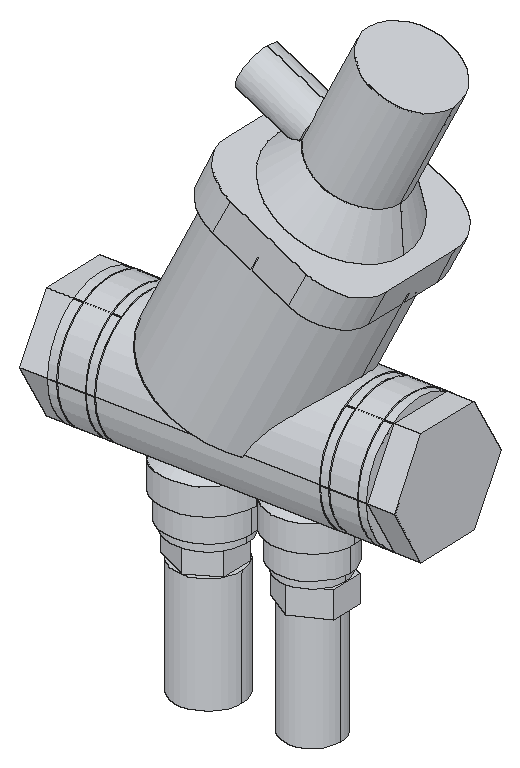
Revit family "PV_Compact_DN020_  5-30_FF_měř_RFA_2019", category Pipe Accessories, Revit 2019
Family settings
  Round Connector Dimension = Use Diameter
  Part Type = Valve - Breaks Into
  Work Plane-Based = No
  Always vertical = Yes
  Cut with Voids When Loaded = No
  Shared = No
Parameters (values of type "PV Compact DN20 FF s měřením (  5-30kPa)")
  magiProductId = "db23a1b537c14a0d8d3ef5b88ba9f3"
  magiProductFamilyId = "17221e4467384e4990f0bd3f9c07cb"
  magiPartTypeId = 304
  isMeasuringValve [instance] = no
  ang2D [instance] = 0.00°
  Z7 = 15 mm
  Z6 = 24.6 mm
  Z5 = 57.4 mm
  Z4 = 49.2 mm
  Z3 = 8.2 mm
  Z2 = 41 mm
  XR3 = 30 mm
  XR2 = 25 mm
  XR1 = 13 mm
  W2D = 15 mm
  VersionID = "2.0/2018.12.13.2/FRESE_PV_COMPACT_PLUG_Q13_001"
  Use Minimum Symbol Size [instance] = no
  URL = "www.hydronix.cz"
  Type Comments = "závitový s vnitřním závitem; dvěma měřicími vsuvkami; PN25; dpmax=450kPa; -10~+120°C;"
  R5 = 5 mm
  R4 = 15 mm
  R3 = 10 mm
  R2 = 14 mm
  R1 = 19 mm
  QmdConnectorList = "301;D;302;D"
  Productdata [instance] = ""
  PH__ve = -PH  # -22.4 mm
  PH = 22.4 mm
  NL__ve = -NL  # -15.8 mm
  NL = 15.8 mm
  Manufacturer = "Hydronix"
  MC Use Limits From Balancing Method = no
  MC Throttling Minimum Value = 0
  MC Throttling Maximum Value = 0
  MC Product Code = "53-3206 DN20; FF; nastavitelný rozsah dp=5~30kPa; Q=100~1000l/h;  kvs=3,5"
  MC Pressure Drop Minimum Value = 0.0 Pa
  MC Pressure Drop Maximum Value = 0.0 Pa
  MC Piping Given Pressure Drop [instance] = 0.0 Pa
  M5 = 33.7 mm
  M4 = 31.7 mm
  M3 = 25.7 mm
  M2 = 23.7 mm
  LP = 39.5 mm
  LM = 47.4 mm
  LL__ve = -LL  # -5.7 mm
  LLT__ve = -LLT  # -14.9 mm
  LLT = 14.9 mm
  LL2 = 32 mm
  LL = 5.7 mm
  L3 = 11 mm
  L2D_Min = 30.48 mm
  L2D = 65 mm
  Description = "Nastavitelný regulátor tlakové diference"
  DR1 = no
  DR0 = yes
  DL2 = 66 mm
  D = 20 mm
  CenSd_R2_6 = R2 * cos(30.00°)  # 12.124 mm
  CAT0 = yes
  C0D1 = no
  C0D0 = yes
Types (10, lengths in mm): name | magiProductId | Z6 | Z5 | Z4 | Z3 | Z2 | XR3 | XR2 | XR1 | R2 | R1 | PH__ve | PH | NL__ve | NL | MC Product Code | M5 | M4 | M3 | M2 | LP | LM | LL__ve | LLT__ve | LLT | LL2 | LL | L3 | D | CenSd_R2_6
  PV Compact DN15 FF s měřením ( 20-60kPa) | "92c6061b2d364c498536f200ceae3f" | 24.6 | 57.4 | 49.2 | 8.2 | 41 | 30 | 25 | 13 | 14 | 19 | -22.4 | 22.4 | -15 | 15 | "53-3205 DN15; FF; nastavitelný rozsah dp=20~60kPa; Q=100~1000l/h;  kvs=2,9" | 32.5 | 30.5 | 24.5 | 22.5 | 37.5 | 45 | -5.7 | -14.9 | 14.9 | 32 | 5.7 | 11 | 15 | 12.124
  PV Compact DN15 FF s měřením (  5-30kPa) | "f361d342a5c3496a8b127ae77303d4" | 24.6 | 57.4 | 49.2 | 8.2 | 41 | 30 | 25 | 13 | 14 | 19 | -22.4 | 22.4 | -15 | 15 | "53-3204 DN15; FF; nastavitelný rozsah dp=5~30kPa; Q=50~600l/h;  kvs=2,9" | 32.5 | 30.5 | 24.5 | 22.5 | 37.5 | 45 | -5.7 | -14.9 | 14.9 | 32 | 5.7 | 11 | 15 | 12.124
  PV Compact DN20 FF s měřením ( 20-60kPa) | "9f7cac6a20a942348ba3edadb25c10" | 24.6 | 57.4 | 49.2 | 8.2 | 41 | 30 | 25 | 13 | 14 | 19 | -22.4 | 22.4 | -15.8 | 15.8 | "53-3207 DN20; FF; nastavitelný rozsah dp=20~60kPa; Q=150~2000l/h;  kvs=3,5" | 33.7 | 31.7 | 25.7 | 23.7 | 39.5 | 47.4 | -5.7 | -14.9 | 14.9 | 32 | 5.7 | 11 | 20 | 12.124
  PV Compact DN20 FF s měřením (  5-30kPa) | "db23a1b537c14a0d8d3ef5b88ba9f3" | 24.6 | 57.4 | 49.2 | 8.2 | 41 | 30 | 25 | 13 | 14 | 19 | -22.4 | 22.4 | -15.8 | 15.8 | "53-3206 DN20; FF; nastavitelný rozsah dp=5~30kPa; Q=100~1000l/h;  kvs=3,5" | 33.7 | 31.7 | 25.7 | 23.7 | 39.5 | 47.4 | -5.7 | -14.9 | 14.9 | 32 | 5.7 | 11 | 20 | 12.124
  PV Compact DN25 FF s měřením (  5-30kPa) | "df9f1d59aa4a4bbbaec25e168ba07d" | 25.5 | 59.5 | 51 | 8.5 | 42.5 | 30 | 25 | 13 | 14 | 19 | -20.8 | 20.8 | -16.6 | 16.6 | "53-3208 DN25; FF; nastavitelný rozsah dp=5~30kPa; Q=600~2100l/h;  kvs=4,0" | 34.9 | 32.9 | 26.9 | 24.9 | 41.5 | 49.8 | -5.9 | -16.3 | 16.3 | 34 | 5.9 | 11 | 25 | 12.124
  PV Compact DN25L FF s měřením ( 20-80kPa) | "87b7cca8bace4074a54840dfb5d8dc" | 40.2 | 93.8 | 80.4 | 13.4 | 67 | 42.5 | 37.5 | 25.5 | 26.5 | 31.5 | -17.6 | 17.6 | -20 | 20 | "53-3211 DN25L; FF; nastavitelný rozsah dp=20~80kPa; Q=750~4200l/h;  kvs=8,7" | 40 | 38 | 32 | 30 | 50 | 60 | -6.3 | -19.1 | 19.1 | 38 | 6.3 | 11 | 25 | 22.95
  PV Compact DN25L FF s měřením (  5-30kPa) | "5f34f6c18cbb44599cc4b76a533b7b" | 40.2 | 93.8 | 80.4 | 13.4 | 67 | 42.5 | 37.5 | 25.5 | 26.5 | 31.5 | -17.6 | 17.6 | -20 | 20 | "53-3210 DN25L; FF; nastavitelný rozsah dp=5~30kPa; Q=600~2500l/h;  kvs=8,7" | 40 | 38 | 32 | 30 | 50 | 60 | -6.3 | -19.1 | 19.1 | 38 | 6.3 | 11 | 25 | 22.95
  PV Compact DN32 FF s měřením ( 20-80kPa) | "4a8a1c2c3ced401aa76adec660b182" | 40.2 | 93.8 | 80.4 | 13.4 | 67 | 42.5 | 37.5 | 25.5 | 26.5 | 31.5 | -13.6 | 13.6 | -20.8 | 20.8 | "53-3214 DN32; FF; nastavitelný rozsah dp=20~80kPa; Q=1000~5000l/h;  kvs=10,1" | 41.2 | 39.2 | 33.2 | 31.2 | 52 | 62.4 | -6.8 | -22.6 | 22.6 | 43 | 6.8 | 25 | 32 | 22.95
  PV Compact DN40 FF s měřením ( 20-80kPa) | "8dd334465d8f48dd802c3dab6bec5b" | 46.8 | 109.2 | 93.6 | 15.6 | 78 | 42.5 | 37.5 | 25.5 | 26.5 | 31.5 | -11.2 | 11.2 | -27.6 | 27.6 | "53-3216 DN40; FF; nastavitelný rozsah dp=20~80kPa; Q=3000~8000l/h;  kvs=15,8" | 51.4 | 49.4 | 43.4 | 41.4 | 69 | 82.8 | -7.1 | -24.7 | 24.7 | 46 | 7.1 | 25 | 40 | 22.95
  PV Compact DN50 FF s měřením ( 20-80kPa) | "de24153ded7e41748f92358b184bd6" | 46.8 | 109.2 | 93.6 | 15.6 | 78 | 42.5 | 37.5 | 25.5 | 35.25 | 31.5 | -6.4 | 6.4 | -27.6 | 27.6 | "53-3218 DN50; FF; nastavitelný rozsah dp=20~80kPa; Q=5000~11500l/h;  kvs=16,2" | 51.4 | 49.4 | 43.4 | 41.4 | 69 | 82.8 | -7.7 | -28.9 | 28.9 | 52 | 7.7 | 25 | 50 | 30.527
Reference planes
  plane 1 "Center (Front/Back)": y = 0
  plane 2 "XYPLANE": z = 0
  plane 3 "Center (Left/Right)": x = 0
  plane 4 "408": x = 39.5
  plane 5 "407": x = -39.5
  plane 6 "402": z = -66
  plane 7 "213": x = 11
  plane 8 "168": z = -10.9
  plane 9 "167": z = -12.9
  plane 10 "166": z = -18.6
  plane 11 "165": z = -24.3
  plane 12 "164": z = -26.3
  plane 13 "154": z = 0
  plane 14 "152": y = 0
  plane 15 "151": z = -32
  plane 16 "150": x = -11
  plane 17 "75": through (318.218, 0, 679.605) normal (0.891, 0, -0.454)
  plane 18 "74": x = 33.7
  plane 19 "73": x = 31.7
  plane 20 "72": x = 25.7
  plane 21 "71": x = 23.7
  plane 22 "70": x = -33.7
  plane 23 "69": x = -31.7
  plane 24 "68": x = -25.7
  plane 25 "67": y = 0
  plane 26 "66": through (-666.893, 0, 343.166) normal (0.454, 0, 0.891)
  plane 27 "65": x = -23.7
  plane 28 "64": through (335.147, 0, 670.979) normal (0.891, 0, -0.454)
  plane 29 "63": through (-649.641, 0, 377.024) normal (0.454, 0, 0.891)
  plane 30 "62": through (352.076, 0, 662.353) normal (0.891, 0, -0.454)
  plane 31 "61": y = 19
  plane 32 "60": y = -19
  plane 33 "59": through (-645.919, 0, 384.33) normal (0.454, 0, 0.891)
  plane 34 "58": through (-642.196, 0, 391.637) normal (0.454, 0, 0.891)
  plane 35 "57": through (313.763, 0, 681.875) normal (0.891, 0, -0.454)
  plane 36 "56": x = 0
  plane 37 "55": through (-668.255, 0, 340.493) normal (0.454, 0, 0.891)
  plane 38 "102XY": through (-668.255, 0, 340.493) normal (0.454, 0, 0.891)
  plane 39 "102XZ": y = 0
  plane 40 "102YZ": through (340.493, 0, 668.255) normal (0.891, 0, -0.454)
Forms (mm)
  Extrusion 1, solid
    sketch origin (39.5, -750, 0) x (0, 1, 0) y (0, 0, 1)
      loop
        line (764, 0) -> (757, 12.124) -> (743, 12.124) -> (736, 0) -> (743, -12.124) -> (757, -12.124) -> (764, 0)
    from 0 to -15.8 <- "NL__ve"
  Extrusion 2, solid
    sketch origin (-39.5, -750, 0) x (0, 1, 0) y (0, 0, 1)
      loop
        line (736, 0) -> (743, -12.124) -> (757, -12.124) -> (764, 0) -> (757, 12.124) -> (743, 12.124) -> (736, 0)
    from 0 to 15.8 <- "NL"
  Extrusion 3, solid, visible <- "C0D1"
    sketch origin (-750, 0, -66) x (1, 0, 0) y (0, 1, 0)
      loop
        circle (761, 0) r 10
    from 0 to 50
  Extrusion 4, solid, visible <- "DR1"
    sketch origin (-750, 0, -18.6) x (1, 0, 0) y (0, 1, 0)
      loop
        line (761, -12) -> (772.592, -6) -> (772.592, 6) -> (761, 12) -> (750.608, 6) -> (750.608, -6) -> (761, -12)
    from 0 to -22.4 <- "PH__ve"
  Extrusion 5, solid, visible <- "DR1"
    sketch origin (-750, 0, -18.6) x (1, 0, 0) y (0, 1, 0)
      loop
        circle (761, 0) r 10
    from 0 to 5.7 <- "LL"
  Blend 6, solid, visible <- "DR1"
    base sketch origin (-750, 0, -10.9) x (1, 0, 0) y (0, 1, 0)
      loop
        circle (761, 0) r 7.5
    top sketch origin (-750, 0, -10.9) x (1, 0, 0) y (0, 1, 0)
      loop
        circle (761, 0) r 10
    from 0 to -2
  Extrusion 7, solid, visible <- "DR1"
    sketch origin (-750, 0, 0) x (1, 0, 0) y (0, 1, 0)
      loop
        circle (761, 0) r 7.5
    from 0 to -14.9 <- "LLT__ve"
  Extrusion 8, solid, visible <- "C0D0"
    sketch origin (-750, 0, -32) x (1, 0, 0) y (0, 1, 0)
      loop
        circle (761, 0) r 6
    from 0 to -25
  Extrusion 9, solid, visible <- "DR0"
    sketch origin (-750, 0, -26.3) x (1, 0, 0) y (0, 1, 0)
      loop
        line (761, -7) -> (768.262, -3.5) -> (768.262, 3.5) -> (761, 7) -> (754.938, 3.5) -> (754.938, -3.5) -> (761, -7)
    from 0 to -5.7 <- "LL__ve"
  Extrusion 10, solid, visible <- "DR0"
    sketch origin (-750, 0, -26.3) x (1, 0, 0) y (0, 1, 0)
      loop
        circle (761, 0) r 7
    from 0 to 2
  Extrusion 11, solid, visible <- "DR0"
    sketch origin (-750, 0, -18.6) x (1, 0, 0) y (0, 1, 0)
      loop
        circle (761, 0) r 9
    from 0 to 5.7 <- "LL"
  Blend 12, solid, visible <- "DR0"
    base sketch origin (-750, 0, -10.9) x (1, 0, 0) y (0, 1, 0)
      loop
        circle (761, 0) r 6.5
    top sketch origin (-750, 0, -10.9) x (1, 0, 0) y (0, 1, 0)
      loop
        circle (761, 0) r 9
    from 0 to -2
  Extrusion 13, solid, visible <- "DR0"
    sketch origin (-750, 0, 0) x (1, 0, 0) y (0, 1, 0)
      loop
        circle (761, 0) r 6.5
    from 0 to -14.9 <- "LLT__ve"
  Extrusion 14, solid, visible <- "DR0"
    sketch origin (-750, 0, 0) x (1, 0, 0) y (0, 1, 0)
      loop
        circle (761, 0) r 6.5
    from 0 to -14.9 <- "LLT__ve"
  Blend 15, solid, visible <- "DR0"
    base sketch origin (-750, 0, -10.9) x (1, 0, 0) y (0, 1, 0)
      loop
        circle (761, 0) r 6.5
    top sketch origin (-750, 0, -10.9) x (1, 0, 0) y (0, 1, 0)
      loop
        circle (761, 0) r 9
    from 0 to -2
  Extrusion 16, solid, visible <- "DR0"
    sketch origin (-750, 0, -18.6) x (1, 0, 0) y (0, 1, 0)
      loop
        circle (761, 0) r 9
    from 0 to 5.7 <- "LL"
  Extrusion 17, solid, visible <- "DR0"
    sketch origin (-750, 0, -24.3) x (1, 0, 0) y (0, 1, 0)
      loop
        circle (761, 0) r 8
    from 0 to 5.7 <- "LL"
  Extrusion 18, solid, visible <- "DR0"
    sketch origin (-750, 0, -26.3) x (1, 0, 0) y (0, 1, 0)
      loop
        circle (761, 0) r 7
    from 0 to 2
  Extrusion 19, solid, visible <- "DR0"
    sketch origin (-750, 0, -26.3) x (1, 0, 0) y (0, 1, 0)
      loop
        line (761, -7) -> (768.262, -3.5) -> (768.262, 3.5) -> (761, 7) -> (754.938, 3.5) -> (754.938, -3.5) -> (761, -7)
    from 0 to -5.7 <- "LL__ve"
  Extrusion 20, solid, visible <- "C0D0"
    sketch origin (-750, 0, -32) x (1, 0, 0) y (0, 1, 0)
      loop
        circle (761, 0) r 6
    from 0 to -25
  Extrusion 21, solid, visible <- "CAT0"
    sketch origin (-750, 0, -32) x (1, 0, 0) y (0, 1, 0)
      loop
        circle (739, 0) r 7.2
    from 0 to -25
  Extrusion 22, solid
    sketch origin (-750, 0, -26.3) x (1, 0, 0) y (0, 1, 0)
      loop
        line (739, -7) -> (745.062, -3.5) -> (745.062, 3.5) -> (739, 7) -> (731.738, 3.5) -> (731.738, -3.5) -> (739, -7)
    from 0 to -5.7 <- "LL__ve"
  Extrusion 23, solid
    sketch origin (-750, 0, -26.3) x (1, 0, 0) y (0, 1, 0)
      loop
        circle (739, 0) r 8.2
    from 0 to 2
  Extrusion 24, solid
    sketch origin (-750, 0, -24.3) x (1, 0, 0) y (0, 1, 0)
      loop
        circle (739, 0) r 9.2
    from 0 to 5.7 <- "LL"
  Extrusion 25, solid
    sketch origin (-750, 0, -18.6) x (1, 0, 0) y (0, 1, 0)
      loop
        circle (739, 0) r 10.2
    from 0 to 5.7 <- "LL"
  Blend 26, solid
    base sketch origin (-750, 0, -10.9) x (1, 0, 0) y (0, 1, 0)
      loop
        circle (739, 0) r 7.7
    top sketch origin (-750, 0, -10.9) x (1, 0, 0) y (0, 1, 0)
      loop
        circle (739, 0) r 10.2
    from 0 to -2
  Extrusion 27, solid
    sketch origin (-750, 0, 0) x (1, 0, 0) y (0, 1, 0)
      loop
        circle (739, 0) r 7.7
    from 0 to -14.9 <- "LLT__ve"
  Blend 28, solid, visible <- "CAT0"
    base sketch origin (31.7, -750, 0) x (0, 1, 0) y (0, 0, 1)
      loop
        circle (750, 0) r 14
    top sketch origin (31.7, -750, 0) x (0, 1, 0) y (0, 0, 1)
      loop
        circle (750, 0) r 14
    from 0 to 2
  Extrusion 29, solid, visible <- "CAT0"
    sketch origin (25.7, -750, 0) x (0, 1, 0) y (0, 0, 1)
      loop
        circle (750, 0) r 14
    from 0 to 6
  Blend 30, solid, visible <- "CAT0"
    base sketch origin (23.7, -750, 0) x (0, 1, 0) y (0, 0, 1)
      loop
        circle (750, 0) r 14
    top sketch origin (23.7, -750, 0) x (0, 1, 0) y (0, 0, 1)
      loop
        circle (750, 0) r 14
    from 0 to 2
  Blend 31, solid, visible <- "CAT0"
    base sketch origin (-31.7, -750, 0) x (0, 1, 0) y (0, 0, 1)
      loop
        circle (750, 0) r 14
    top sketch origin (-31.7, -750, 0) x (0, 1, 0) y (0, 0, 1)
      loop
        circle (750, 0) r 14
    from 0 to -2
  Extrusion 32, solid, visible <- "CAT0"
    sketch origin (-31.7, -750, 0) x (0, 1, 0) y (0, 0, 1)
      loop
        circle (750, 0) r 14
    from 0 to 6
  Blend 33, solid, visible <- "CAT0"
    base sketch origin (-25.7, -750, 0) x (0, 1, 0) y (0, 0, 1)
      loop
        circle (750, 0) r 14
    top sketch origin (-25.7, -750, 0) x (0, 1, 0) y (0, 0, 1)
      loop
        circle (750, 0) r 14
    from 0 to 2
  Extrusion 34, solid, visible <- "CAT0"
    sketch origin (-23.7, -750, 0) x (0, 1, 0) y (0, 0, 1)
      loop
        circle (750, 0) r 14
    from 0 to 47.4 <- "LM"
  Extrusion 35, solid, visible <- "CAT0"
    sketch origin (-666.893, 0, 343.166) x (0.891007, 0, -0.45399) y (0, 1, 0)
      loop
        circle (744, 0) r 19
    from 0 to 41 <- "Z2"
  Extrusion 36, solid, visible <- "CAT0"
    sketch origin (-649.641, 0, 377.024) x (0.891007, 0, -0.45399) y (0, 1, 0)
      loop
        arc (735, 19) -> (727.929, 16.071) -> (725, 9) r 10
        line (725, 9) -> (725, -9)
        arc (725, -9) -> (727.929, -16.071) -> (735, -19) r 10
        line (735, -19) -> (753, -19)
        arc (753, -19) -> (760.071, -16.071) -> (763, -9) r 10
        line (763, -9) -> (763, 9)
        arc (763, 9) -> (760.071, 16.071) -> (753, 19) r 10
        line (753, 19) -> (735, 19)
    from 0 to 8.2 <- "Z3"
  Blend 37, solid, visible <- "CAT0"
    base sketch origin (-645.919, 0, 384.33) x (0.891007, 0, -0.45399) y (0, 1, 0)
      loop
        circle (744, 0) r 15
    top sketch origin (-645.919, 0, 384.33) x (0.891007, 0, -0.45399) y (0, 1, 0)
      loop
        circle (744, 0) r 10
    from 0 to 8.2
  Extrusion 38, solid, visible <- "CAT0"
    sketch origin (-642.196, 0, 391.637) x (0.891007, 0, -0.45399) y (0, 1, 0)
      loop
        circle (744, 0) r 10
    from 0 to 24.6 <- "Z6"
  Extrusion 39, solid, visible <- "CAT0"
    sketch origin (313.763, 0, 681.875) x (-0.45399, 0, -0.891007) y (0, 1, 0)
      loop
        circle (692.6, 0) r 5
    from 0 to 15 <- "Z7"
  Blend 40, solid, visible <- "CAT0"
    base sketch origin (-668.255, 0, 340.493) x (0.891007, 0, -0.45399) y (0, 1, 0)
      loop
        circle (744, 0) r 15
    top sketch origin (-668.255, 0, 340.493) x (0.891007, 0, -0.45399) y (0, 1, 0)
      loop
        circle (744, 0) r 19
    from 0 to 3
  Extrusion 41, solid, not visible
    sketch origin (-33.7, -750, 0) x (0, 1, 0) y (0, 0, 1)
      loop
        circle (750, 0) r 10
    from 0 to 10
  Extrusion 42, solid, not visible
    sketch origin (33.7, -750, 0) x (0, 1, 0) y (0, 0, 1)
      loop
        circle (750, 0) r 10
    from 0 to -10
Lines and regions (mm)
  reference lines, not visible
    curve 1: circle (2, 2, 0) r 1 normal (0, 0, 1)
  reference lines
    curve 2: line (39.5, 0, 0) -> (39.5, -3.5, 6.062)
    curve 3: line (39.5, 0, 0) -> (39.5, -7, 0)
    curve 4: line (39.5, 0, 0) -> (39.5, -3.5, -6.062)
    curve 5: line (-39.5, 0, 0) -> (-39.5, 3.5, 6.062)
    curve 6: line (-39.5, 0, 0) -> (-39.5, 7, 0)
    curve 7: line (-39.5, 0, 0) -> (-39.5, 3.5, -6.062)
Dimensions and locks
  plane 1 "Center (Front/Back)" to curve 1 = 2 mm
  "LP": plane 36 "56" to plane 4 "408"
  "LP": plane 36 "56" to plane 5 "407"
  "DL2": plane 2 "XYPLANE" to plane 6 "402"
  "L3": plane 3 "Center (Left/Right)" to plane 7 "213"
  locked: plane 9 "167" to plane 8 "168" at 2
  "LL": plane 10 "166" to plane 9 "167"
  "LL": plane 11 "165" to plane 10 "166"
  locked: plane 12 "164" to plane 11 "165" at 2
  "LL": plane 15 "151" to plane 12 "164"
  locked: plane 2 "XYPLANE" to plane 13 "154"
  locked: plane 1 "Center (Front/Back)" to plane 14 "152"
  "LL2": plane 2 "XYPLANE" to plane 15 "151"
  "L3": plane 3 "Center (Left/Right)" to plane 16 "150"
  "XR2": plane 40 "102YZ" to plane 17 "75"
  "M5": plane 3 "Center (Left/Right)" to plane 18 "74"
  "M4": plane 3 "Center (Left/Right)" to plane 19 "73"
  "M3": plane 3 "Center (Left/Right)" to plane 20 "72"
  "M2": plane 3 "Center (Left/Right)" to plane 21 "71"
  "M5": plane 3 "Center (Left/Right)" to plane 22 "70"
  "M4": plane 3 "Center (Left/Right)" to plane 23 "69"
  "M3": plane 3 "Center (Left/Right)" to plane 24 "68"
  locked: plane 14 "152" to plane 25 "67"
  locked: plane 38 "102XY" to plane 26 "66" at 3
  "M2": plane 3 "Center (Left/Right)" to plane 27 "65"
  locked: plane 40 "102YZ" to plane 28 "64" at 6
  "Z2": plane 38 "102XY" to plane 29 "63"
  "XR1": plane 40 "102YZ" to plane 30 "62"
  "R1": plane 14 "152" to plane 31 "61"
  "R1": plane 14 "152" to plane 32 "60"
  "Z4": plane 38 "102XY" to plane 33 "59"
  "Z5": plane 38 "102XY" to plane 34 "58"
  "XR3": plane 40 "102YZ" to plane 35 "57"
  locked: plane 3 "Center (Left/Right)" to plane 36 "56"
  locked: plane 38 "102XY" to plane 37 "55"
  "CenSd_R2_6": curve 2 to Extrusion 1 sketch curve  (x2)
  "CenSd_R2_6": curve 3 to Extrusion 1 sketch curve  (x2)
  "CenSd_R2_6": curve 4 to Extrusion 1 sketch curve  (x2)
  Extrusion 1 sketch curve to Extrusion 1 sketch curve = 0 mm  (x12)
  "CenSd_R2_6": curve 5 to Extrusion 2 sketch curve  (x2)
  "CenSd_R2_6": curve 6 to Extrusion 2 sketch curve  (x2)
  "CenSd_R2_6": curve 7 to Extrusion 2 sketch curve  (x2)
  Extrusion 2 sketch curve to Extrusion 2 sketch curve = 0 mm  (x12)
  Extrusion 4 sketch curve to Extrusion 4 sketch curve = 0 mm  (x12)
  Extrusion 9 sketch curve to Extrusion 9 sketch curve = 0 mm  (x12)
  Extrusion 19 sketch curve to Extrusion 19 sketch curve = 0 mm  (x12)
  Extrusion 22 sketch curve to Extrusion 22 sketch curve = 0 mm  (x12)
  Extrusion 36 sketch curve to Extrusion 36 sketch curve = 0 mm  (x16)
  "R2": radius of Blend 28 sketch curve  (x2)
  "R2": radius of Extrusion 29 sketch curve
  "R2": radius of Blend 30 sketch curve  (x2)
  "R2": radius of Blend 31 sketch curve  (x2)
  "R2": radius of Extrusion 32 sketch curve
  "R2": radius of Blend 33 sketch curve  (x2)
  "R2": radius of Extrusion 34 sketch curve
  "R1": radius of Extrusion 35 sketch curve
  radius of Extrusion 36 sketch curve = 10 mm  (x4)
  "R3": radius of Blend 37 sketch curve
  "R4": radius of Blend 37 sketch curve
  "R3": radius of Extrusion 38 sketch curve
  "R5": radius of Extrusion 39 sketch curve
  "R1": radius of Blend 40 sketch curve
  locked: curve 3 to curve 2 (angle 60.00°)
  locked: curve 4 to curve 3 (angle 60.00°)
  locked: curve 4 to curve 2 (angle 120.00°)
  locked: curve 6 to curve 5 (angle 60.00°)
  locked: curve 7 to curve 6 (angle 60.00°)
  locked: curve 7 to curve 5 (angle 120.00°)
  aligned and locked: level to plane 2 "XYPLANE"
  aligned and locked: plane 13 "154" to curve 4
  aligned and locked: curve 4 to plane 14 "152"
  aligned and locked: plane 13 "154" to curve 7
  aligned and locked: curve 7 to plane 14 "152"
  aligned and locked: plane 7 "213" to Extrusion 3 sketch curve
  aligned and locked: plane 14 "152" to Extrusion 3 sketch curve
  aligned and locked: plane 7 "213" to Extrusion 5 sketch curve
  aligned and locked: plane 14 "152" to Extrusion 5 sketch curve
  aligned and locked: plane 7 "213" to Blend 6 sketch curve  (x2)
  aligned and locked: plane 14 "152" to Blend 6 sketch curve  (x2)
  aligned and locked: Blend 6 to plane 9 "167"
  aligned and locked: plane 7 "213" to Extrusion 7 sketch curve
  aligned and locked: plane 14 "152" to Extrusion 7 sketch curve
  aligned and locked: plane 7 "213" to Extrusion 8 sketch curve
  aligned and locked: plane 14 "152" to Extrusion 8 sketch curve
  aligned and locked: plane 7 "213" to Extrusion 10 sketch curve
  aligned and locked: plane 14 "152" to Extrusion 10 sketch curve
  aligned and locked: plane 7 "213" to Extrusion 11 sketch curve
  aligned and locked: plane 14 "152" to Extrusion 11 sketch curve
  aligned and locked: plane 7 "213" to Blend 12 sketch curve  (x2)
  aligned and locked: plane 14 "152" to Blend 12 sketch curve  (x2)
  aligned and locked: Blend 12 to plane 9 "167"
  aligned and locked: plane 7 "213" to Extrusion 13 sketch curve
  aligned and locked: plane 14 "152" to Extrusion 13 sketch curve
  aligned and locked: plane 7 "213" to Extrusion 14 sketch curve
  aligned and locked: plane 14 "152" to Extrusion 14 sketch curve
  aligned and locked: plane 7 "213" to Blend 15 sketch curve  (x2)
  aligned and locked: plane 14 "152" to Blend 15 sketch curve  (x2)
  aligned and locked: Blend 15 to plane 9 "167"
  aligned and locked: plane 7 "213" to Extrusion 16 sketch curve
  aligned and locked: plane 14 "152" to Extrusion 16 sketch curve
  aligned and locked: plane 7 "213" to Extrusion 17 sketch curve
  aligned and locked: plane 14 "152" to Extrusion 17 sketch curve
  aligned and locked: plane 7 "213" to Extrusion 18 sketch curve
  aligned and locked: plane 14 "152" to Extrusion 18 sketch curve
  aligned and locked: plane 7 "213" to Extrusion 20 sketch curve
  aligned and locked: plane 14 "152" to Extrusion 20 sketch curve
  aligned and locked: plane 14 "152" to Extrusion 21 sketch curve
  aligned and locked: plane 16 "150" to Extrusion 21 sketch curve
  aligned and locked: plane 14 "152" to Extrusion 23 sketch curve
  aligned and locked: plane 16 "150" to Extrusion 23 sketch curve
  aligned and locked: plane 14 "152" to Extrusion 24 sketch curve
  aligned and locked: plane 16 "150" to Extrusion 24 sketch curve
  aligned and locked: plane 14 "152" to Extrusion 25 sketch curve
  aligned and locked: plane 16 "150" to Extrusion 25 sketch curve
  aligned and locked: plane 14 "152" to Blend 26 sketch curve  (x2)
  aligned and locked: plane 16 "150" to Blend 26 sketch curve  (x2)
  aligned and locked: Blend 26 to plane 9 "167"
  aligned and locked: plane 14 "152" to Extrusion 27 sketch curve
  aligned and locked: plane 16 "150" to Extrusion 27 sketch curve
  aligned and locked: plane 13 "154" to Blend 28 sketch curve  (x2)
  aligned and locked: Blend 28 sketch curve to plane 14 "152"  (x2)
  aligned and locked: plane 18 "74" to Blend 28
  aligned and locked: plane 13 "154" to Extrusion 29 sketch curve
  aligned and locked: Extrusion 29 sketch curve to plane 14 "152"
  aligned and locked: plane 13 "154" to Blend 30 sketch curve  (x2)
  aligned and locked: Blend 30 sketch curve to plane 14 "152"  (x2)
  aligned and locked: plane 20 "72" to Blend 30
  aligned and locked: plane 13 "154" to Blend 31 sketch curve  (x2)
  aligned and locked: Blend 31 sketch curve to plane 14 "152"  (x2)
  aligned and locked: Blend 31 to plane 22 "70"
  aligned and locked: plane 13 "154" to Extrusion 32 sketch curve
  aligned and locked: Extrusion 32 sketch curve to plane 14 "152"
  aligned and locked: plane 13 "154" to Blend 33 sketch curve  (x2)
  aligned and locked: Blend 33 sketch curve to plane 14 "152"  (x2)
  aligned and locked: plane 27 "65" to Blend 33
  aligned and locked: plane 13 "154" to Extrusion 34 sketch curve
  aligned and locked: Extrusion 34 sketch curve to plane 14 "152"
  aligned and locked: plane 25 "67" to Extrusion 35 sketch curve
  aligned and locked: Extrusion 35 sketch curve to plane 28 "64"
  aligned and locked: Extrusion 36 sketch curve to plane 17 "75"
  aligned and locked: Extrusion 36 sketch curve to plane 32 "60"
  aligned and locked: Extrusion 36 sketch curve to plane 30 "62"
  aligned and locked: plane 31 "61" to Extrusion 36 sketch curve
  aligned and locked: plane 25 "67" to Blend 37 sketch curve  (x2)
  aligned and locked: Blend 37 sketch curve to plane 28 "64"  (x2)
  aligned and locked: plane 34 "58" to Blend 37
  aligned and locked: plane 25 "67" to Extrusion 38 sketch curve
  aligned and locked: Extrusion 38 sketch curve to plane 28 "64"
  aligned and locked: plane 25 "67" to Extrusion 39 sketch curve
  aligned and locked: plane 34 "58" to Extrusion 39 sketch curve
  aligned and locked: plane 25 "67" to Blend 40 sketch curve  (x2)
  aligned and locked: Blend 40 sketch curve to plane 28 "64"  (x2)
  aligned and locked: plane 26 "66" to Blend 40
  aligned and locked: plane 13 "154" to Extrusion 41 sketch curve
  aligned and locked: Extrusion 41 sketch curve to plane 14 "152"
  aligned and locked: plane 13 "154" to Extrusion 42 sketch curve
  aligned and locked: Extrusion 42 sketch curve to plane 14 "152"
Automatic sketch dimensions
  plane 3 "Center (Left/Right)" to Extrusion 3 sketch curve = 1 mm
  Extrusion 4 sketch curve to plane 7 "213" = 0 mm  (x2)
  plane 3 "Center (Left/Right)" to Extrusion 4 sketch curve = 0.608 mm
  Extrusion 4 sketch curve to plane 21 "71" = 1.108 mm
  plane 32 "60" to Extrusion 4 sketch curve = 7 mm
  plane 1 "Center (Front/Back)" to Extrusion 4 sketch curve = 6 mm  (x2)
  Extrusion 4 sketch curve to plane 1 "Center (Front/Back)" = 6 mm  (x2)
  Extrusion 4 sketch curve to plane 31 "61" = 7 mm
  plane 3 "Center (Left/Right)" to Extrusion 5 sketch curve = 1 mm
  plane 3 "Center (Left/Right)" to Blend 6 sketch curve = 3.5 mm
  plane 3 "Center (Left/Right)" to Blend 6 sketch curve = 1 mm
  plane 3 "Center (Left/Right)" to Extrusion 7 sketch curve = 3.5 mm
  plane 3 "Center (Left/Right)" to Extrusion 8 sketch curve = 5 mm
  Extrusion 9 sketch curve to plane 7 "213" = 0 mm  (x2)
  plane 3 "Center (Left/Right)" to Extrusion 9 sketch curve = 4.938 mm
  Extrusion 9 sketch curve to plane 21 "71" = 5.438 mm
  plane 1 "Center (Front/Back)" to Extrusion 9 sketch curve = 7 mm
  plane 1 "Center (Front/Back)" to Extrusion 9 sketch curve = 3.5 mm  (x2)
  Extrusion 9 sketch curve to plane 1 "Center (Front/Back)" = 3.5 mm  (x2)
  Extrusion 9 sketch curve to Extrusion 9 sketch curve = 3.5 mm
  plane 3 "Center (Left/Right)" to Extrusion 10 sketch curve = 4 mm
  plane 3 "Center (Left/Right)" to Extrusion 11 sketch curve = 2 mm
  plane 3 "Center (Left/Right)" to Blend 12 sketch curve = 4.5 mm
  plane 3 "Center (Left/Right)" to Blend 12 sketch curve = 2 mm
  plane 3 "Center (Left/Right)" to Extrusion 13 sketch curve = 4.5 mm
  plane 3 "Center (Left/Right)" to Extrusion 14 sketch curve = 4.5 mm
  plane 3 "Center (Left/Right)" to Blend 15 sketch curve = 4.5 mm
  plane 3 "Center (Left/Right)" to Blend 15 sketch curve = 2 mm
  plane 3 "Center (Left/Right)" to Extrusion 16 sketch curve = 2 mm
  plane 3 "Center (Left/Right)" to Extrusion 17 sketch curve = 3 mm
  plane 3 "Center (Left/Right)" to Extrusion 18 sketch curve = 4 mm
  Extrusion 19 sketch curve to plane 7 "213" = 0 mm  (x2)
  plane 3 "Center (Left/Right)" to Extrusion 19 sketch curve = 4.938 mm
  Extrusion 19 sketch curve to plane 21 "71" = 5.438 mm
  plane 1 "Center (Front/Back)" to Extrusion 19 sketch curve = 7 mm
  plane 1 "Center (Front/Back)" to Extrusion 19 sketch curve = 3.5 mm  (x2)
  Extrusion 19 sketch curve to plane 1 "Center (Front/Back)" = 3.5 mm  (x2)
  Extrusion 19 sketch curve to Extrusion 19 sketch curve = 3.5 mm
  plane 3 "Center (Left/Right)" to Extrusion 20 sketch curve = 5 mm
  plane 27 "65" to Extrusion 21 sketch curve = 5.5 mm
  Extrusion 22 sketch curve to plane 16 "150" = 0 mm  (x2)
  plane 27 "65" to Extrusion 22 sketch curve = 5.438 mm
  Extrusion 22 sketch curve to plane 3 "Center (Left/Right)" = 4.938 mm
  plane 1 "Center (Front/Back)" to Extrusion 22 sketch curve = 7 mm
  plane 1 "Center (Front/Back)" to Extrusion 22 sketch curve = 3.5 mm  (x2)
  Extrusion 22 sketch curve to plane 1 "Center (Front/Back)" = 3.5 mm  (x2)
  Extrusion 22 sketch curve to Extrusion 22 sketch curve = 3.5 mm
  plane 27 "65" to Extrusion 23 sketch curve = 4.5 mm
  plane 27 "65" to Extrusion 24 sketch curve = 3.5 mm
  plane 27 "65" to Extrusion 25 sketch curve = 2.5 mm
  plane 27 "65" to Blend 26 sketch curve = 5 mm
  plane 27 "65" to Blend 26 sketch curve = 2.5 mm
  plane 27 "65" to Extrusion 27 sketch curve = 5 mm
  plane 17 "75" to Blend 40 sketch curve = 4 mm
  plane 32 "60" to Extrusion 41 sketch curve = 9 mm
  plane 32 "60" to Extrusion 42 sketch curve = 9 mm
  plane 3 "Center (Left/Right)" to curve 1 = 2 mm
  radius of curve 1 = 1 mm
Connectors
  piping at (-33.7, 0, 0), diameter 20, driven by "D"
    settings: on Extrusion 41, index 1, connector inside diameter 609.6 mm, connector length 0 mm, flow factor 0, pipe flow 0.0 L/s, pressure drop 0.0 Pa, fitting loss kfactor 0, connector angle 0.00°, fixture units 0, engagement length 0 mm, angle of deflection 0.00°, flow configuration 0, flow direction 0, fitting loss method 0, system type 29, joint type 0, gender type 0, connector reference index 2, connector utility 0, adjustable connector no, is connector primary yes, connector description ""
  piping at (33.7, 0, 0), diameter 20, driven by "D"
    settings: on Extrusion 42, index 2, connector inside diameter 609.6 mm, connector length 0 mm, flow factor 0, pipe flow 0.0 L/s, pressure drop 0.0 Pa, fitting loss kfactor 0, connector angle 0.00°, fixture units 0, engagement length 0 mm, angle of deflection 0.00°, flow configuration 0, flow direction 0, fitting loss method 0, system type 29, joint type 0, gender type 0, connector reference index 1, connector utility 0, adjustable connector no, is connector primary no, connector description ""
